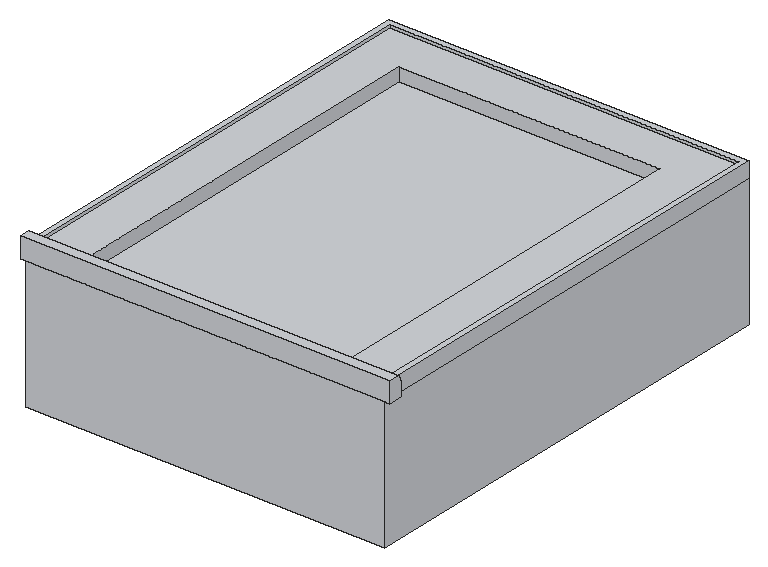
Revit family "b5d93a848c444e4c83e4105383a236f0", category Generic Models, host Face, Revit 2021
Family settings
  Host = Face
  Can host rebar = No
  Round Connector Dimension = Use Diameter
  Part Type = Normal
  Cut with Voids When Loaded = No
  Shared = Yes
  Room Calculation Point = No
Parameters (values of type "Standard")
  Trim Width = 0' - 4 1/2"
  Trim Thickness = 0' - 1 1/4"
  Trim Material [instance] = none
  Sill Thickness = 0' - 1 1/4"
  Opening Width [instance] = 2' - 0"
  Opening Height [instance] = 3' - 0"
  Default Elevation = 4' - 0"
  Backband Width = 0' - 0 1/2"
  Backband Thickness = 0' - 0 1/4"
Reference planes (in)
  plane 1 "Center (Front/Back)": y = 0
  plane 2: z = 0
  plane 3 "Center (Left/Right)": x = 0
  plane 4: y = 4.5
  plane 5 "Left": x = -12
  plane 6 "Right": x = 12
  plane 7 "Bottom": y = -36
  plane 8: x = 16.5
  plane 9: x = -16.5
  plane 10: z = 1.25
  plane 11: x = 17
  plane 12: x = -17
  plane 13: y = -37.25
  plane 14: y = -18
  plane 15: z = 1.875
  plane 16: x = -16
  plane 17: x = 16
  plane 18: z = 1.5
Forms (in)
  Extrusion 1, solid
    sketch origin (0, 0, 0) x (1, 0, 0) y (0, 1, 0)
      loop
        line (-16.5, 4.5) -> (-16.5, -37.25) -> (16.5, -37.25) -> (16.5, 4.5) -> (-16.5, 4.5)
    from 0 to -12
  Extrusion 2, solid, material <- "Trim Material"
    sketch origin (0, 0, 0) x (0, 1, 0) y (0, 0, 1)
      loop
        line (-36, 0) -> (-36, 1.25) -> (-36.22748, 1.875) -> (-37.25, 1.875) -> (-37.25, 0) -> (-36, 0)
    from -17 to 17
  Sweep 3, solid, material <- "Trim Material"
    path origin (0, 0, 0) x (1, 0, 0) y (0, 1, 0)
      loop
        line (12, -36) -> (12, 0) -> (-12, 0) -> (-12, -36)
    profile origin (-12, -18, 0) x (1, 0, 0) y (0, 0, 1)
      loop
        line (0, 0) -> (0, 1.25) -> (-4, 1.25) -> (-4, 1.5) -> (-4.5, 1.5) -> (-4.5, 0) -> (0, 0)
Dimensions and locks (in)
  equal spacing: plane 5 "Left", plane 3 "Center (Left/Right)", plane 6 "Right"
  "Opening Width": plane 5 "Left" to plane 6 "Right"
  "Opening Height": plane 7 "Bottom" to plane 1 "Center (Front/Back)"
  "Trim Width": plane 9 to plane 5 "Left"
  "Trim Width": plane 6 "Right" to plane 8
  "Trim Width": plane 1 "Center (Front/Back)" to plane 4
  locked: plane 12 to plane 9 at 0.5
  locked: plane 8 to plane 11 at 0.5
  equal spacing: plane 7 "Bottom", plane 14, plane 1 "Center (Front/Back)"
  "Trim Thickness": plane 10 to plane 2
  "Sill Thickness": plane 7 "Bottom" to plane 13
  "Backband Width": plane 17 to plane 8
  "Backband Width": plane 9 to plane 16
  locked: plane 15 to plane 10 at 0.625
  "Backband Thickness": plane 10 to plane 18
  locked: Extrusion 2 sketch curve to plane 7 "Bottom" (angle 20.00°)
  aligned and locked: plane 2 to Extrusion 1
  aligned and locked: level to Extrusion 1
  aligned and locked: Extrusion 2 sketch curve to level
  aligned and locked: plane 7 "Bottom" to Extrusion 2 sketch curve  (x2)
  aligned and locked: plane 12 to Extrusion 2
  aligned and locked: Extrusion 2 to plane 11
  aligned and locked: Sweep 3 sketch curve to plane 5 "Left"
  aligned and locked: Sweep 3 sketch curve to plane 1 "Center (Front/Back)"
  aligned and locked: Sweep 3 sketch curve to plane 6 "Right"
  aligned and locked: plane 7 "Bottom" to Sweep 3 sketch curve  (x2)
  aligned and locked: plane 15 to Extrusion 2 sketch curve
  aligned and locked: Sweep 3 sketch curve to plane 2
  aligned and locked: plane 9 to Sweep 3 sketch curve
  aligned and locked: plane 5 "Left" to Sweep 3 sketch curve  (x2)
  aligned and locked: plane 16 to Sweep 3 sketch curve  (x2)
  aligned and locked: Sweep 3 sketch curve to Sweep 3 sketch curve
  aligned and locked: Sweep 3 sketch curve to plane 9
  aligned and locked: plane 2 to Sweep 3 sketch curve
  aligned and locked: plane 10 to Extrusion 2 sketch curve
  aligned and locked: Sweep 3 sketch curve to plane 18
  aligned and locked: Sweep 3 sketch curve to plane 10
Automatic sketch dimensions
  Extrusion 1 sketch curve to Extrusion 1 sketch curve = 2' - 9"
  Extrusion 1 sketch curve to Extrusion 1 sketch curve = 3' - 5 3/4"
  Extrusion 2 sketch curve to plane 13 = 0' - 0"
